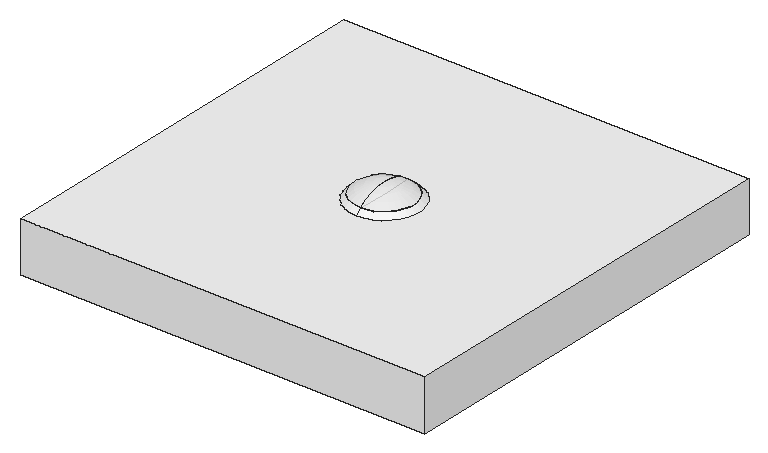
Revit family "Sarlam_Eclairage_Hublot_Chartres_Infini_T2_Diam_420mm_3000Lm", category Luminaires, Revit 2020
Family settings
  Hôte = Face
  Cote de connecteur circulaire = Utiliser le diamètre
  Type d'élément = Normal
  Couper avec des vides une fois chargée = Non
  Source d'éclairage = Oui
  Partagée = Non
  Point de calcul de pièce = Non
Parameters (values of type "ON/OFF BLANC")
  Zone plafond formes 1à7 [instance] = and(not(Diamètre externe = 328 mm), or([Standard Formes 1-3-6]), not([Afficher la zone de détection-pose murale]), [Afficher la zone de détection-pose plafond])  # no
  Zone murale formes 1à7 [instance] = and(not(Diamètre externe = 328 mm), or([Standard Formes 1-3-6]), [Afficher la zone de détection-pose murale], not([Afficher la zone de détection-pose plafond]))  # no
  Zone de détection = ""
  URL = "http://www.legrandoc.com/SL532009"
  Type de variation = "Non régulable"
  Type de tension = "CA"
  Tension nominale (Un) V MIN = 207
  Tension nominale (Un) V MAX = 253
  built-in parameter 1150107 = 3200 (stored number, unit not read)
  Température de couleur K MIN = 4000
  Température de couleur K MAX = 4000
  Standard Formes 1-3-6 = yes
  Source lumineuse = "Led non interchangeable"
  Répartition lumineuse = "Symétrique"
  Puissance du système W = 0
  Puissance de la source lumineuse W = ""
  Puissance de la lampe en Multiwatt = "21/39W"
  Wattage = 9.2903 W
  built-in parameter 1150110 = 1 (stored number, unit not read)
  built-in parameter 1150109 = 1 (stored number, unit not read)
  built-in parameter 1114218 = 1 (stored number, unit not read)
  built-in parameter 1150113 = 1 (stored number, unit not read)
  built-in parameter 1150112 = 1 (stored number, unit not read)
  built-in parameter 1150137 = (empty or 0)
  built-in parameter 1150132 = (empty or 0)
  Modèle = "SL-532009"
  Longueur d'encastrement = 0 mm
  Longueur = 420 mm
  Largeur d'encastrement = 420 mm
  Largeur = 420 mm
  built-in parameter 1150105 = 109.82 (stored number, unit not read)
  built-in parameter 1150102 = (empty or 0)
  Hauteur/profondeur d'encastrement = 0 mm
  Hauteur/profondeur = 90 mm
  Dimming Lamp Color Temperature Shift = (empty or 0)
  Lumens = 1380 lm
  Color Filter = 16777215
  Fichier de distribution photométrique = "SL532009.ies"
  built-in parameter 1114217 = 1 (stored number, unit not read)
  built-in parameter 1150139 = (empty or 0)
  Fabricant = "LEGRAND"
  Emettre à partir du diamètre du cercle = 300 mm
  Emettre la visibilité des formes dans le rendu = no
  built-in parameter 1150104 = 13.8 (stored number, unit not read)
  built-in parameter 1150106 = 1.0982 (stored number, unit not read)
  built-in parameter 1150115 = 1 (stored number, unit not read)
  built-in parameter 1150114 = 1 (stored number, unit not read)
  Diamètre externe = 420 mm
  Diamètre d'encastrement = 0 mm
  Description = "CHARTRES INFINI 3000LM 4000K STANDARD ON/OFF BLANC"
  built-in parameter 1150138 = (empty or 0)
  built-in parameter 1150134 = 3
  Condition Générale d'Utilisation = "https://export.legrand.com/CGU-objets-BIM"
  Angle de l'inclinaison = 0.00°
  Afficher la zone de détection-pose plafond [instance] = no
  Afficher la zone de détection-pose murale [instance] = no
  Matériau du boîtier/corps = Plastique
  Indice de rendu des couleurs CRI = "80-89"
  Indice de protection contre les chocs (IK) = "IK10"
  Indice de protection (IP) = "IP55"
  Flux lumineux utile lm = 3000
  Elévation par défaut = 2500 mm
  Douille = "Sans"
  Courant nominal mA MIN = 0
  Courant nominal mA MAX = 0
  Couleur du boîtier/corps = LEGRAND - Blanc
  Classe de protection = "II"
  Avec détecteur de mouvement = no
  Avec détecteur crépusculaire = no
  Appareillage = "Appareil à LED commandé en courant"
  Angle du faisceau = "Faisceau libre"
  Afficher l'étiquette de zone [instance] = no
  Adapté à une suspension = no
  Adapté à un montage encastré = no
  Adapté à un montage en saillie = yes
  Adapté à un montage en applique = yes
  Adapté à un montage au plafond = yes
  built-in parameter 1150133 = 10 (stored number, unit not read)
Types (6, lengths in mm): name | Zone de détection | URL | Type de variation | Modèle | Description | Couleur du boîtier/corps | Avec détecteur de mouvement | Avec détecteur crépusculaire
  ON/OFF BLANC | "" | "http://www.legrandoc.com/SL532009" | "Non régulable" | "SL-532009" | "CHARTRES INFINI 3000LM 4000K STANDARD ON/OFF BLANC" | LEGRAND - Blanc | no | no
  ON/OFF ANTHRACITE | "" | "http://www.legrandoc.com/SL532010" | "Non régulable" | "SL-532010" | "CHARTRES INFINI 3000LM 4000K STANDARD ON/OFF ANTHRACITE" | LEGRAND - Anthracite | no | no
  ON/OFF GRIS METAL | "" | "http://www.legrandoc.com/SL532011" | "Non régulable" | "SL-532011" | "CHARTRES INFINI 3000LM 4000K STANDARD ON/OFF GRIS METAL" | LEGRAND - Gris métal | no | no
  Détection BLANC | "Détection à 2,5m haut Plafond: Ø6m maxi Mur: Ellipse 16*17m" | "http://www.legrandoc.com/SL532049" | "Autre" | "SL-532049" | "CHARTRES INFINI 3000LM 4000K  STANDARD DETECTION HF BLANC" | LEGRAND - Blanc | yes | yes
  Détection ANTHRACITE | "Détection à 2,5m haut Plafond: Ø6m maxi Mur: Ellipse 16*17m" | "http://www.legrandoc.com/SL532050" | "Autre" | "SL-532050" | "CHARTRES INFINI 3000LM 4000K  STANDARD DETECTION HF ANTHRACITE" | LEGRAND - Anthracite | yes | yes
  Détection GRIS METAL | "Détection à 2,5m haut Plafond: Ø6m maxi Mur: Ellipse 16*17m" | "http://www.legrandoc.com/SL532051" | "Autre" | "SL-532051" | "CHARTRES INFINI 3000LM 4000K  STANDARD DETECTION HF GRIS METAL" | LEGRAND - Gris métal | yes | yes
Reference planes
  plane 1 "Centre (avant/arrière)": y = 0
  plane 2: z = 0
  plane 3 "Centre (gauche/droite)": x = 0
  plane 4: z = 110
Forms (mm)
  Extrusion 1, solid, material "Blanc"
    sketch origin (0, 0, 0) x (1, 0, 0) y (0, 1, 0)
      loop
        line (-1219.2, 1219.2) -> (-1219.2, -1219.2) -> (1219.2, -1219.2) -> (1219.2, 1219.2) -> (-1219.2, 1219.2)
    from 0 to -304.8
Lines and regions (mm)
  model lines, style "LightingFixtures", not visible
    curve 1: line (0, 0, 0) -> (0, 0, 2230)
    curve 2: line (0, 0, 0) -> (0, 3300, 0)
    curve 3: line (0, 0, 0) -> (-2620, 0, 0)
Dimensions and locks
  level to plane 4 = 110 mm
  aligned and locked: plane 2 to Extrusion 1
  aligned and locked: level to Extrusion 1
  aligned and locked: nested 1 to imposter light
  aligned and locked: imposter light to plane 4
Nested families
  nested 1: "Zone de détection murale Chartres-Astreo" at (0, 0, 0) x (0, 0, 1) z (0, -1, 0), visible <- "Afficher la zone de détection-pose murale", type "Zone de détection murale"
  nested 2: "Formes 1-2-3-4-6-7-8-9" at (0, 0, 0), type "Formes"
    with Standard Formes 1-3-6 yes, Fl 90 mm, Dimension hublot 179.2 mm, Diamètre total 420 mm, Courbure 290 mm
  nested 3: "Zone de détection plafond Chartres-Astreo" at (0, 0, 2500), visible <- "Afficher la zone de détection-pose plafond", type "Zone de détection plafond"
    with Zone plafond Formes 8à9 no
  nested 4: "Zone de détection murale Chartres-Astreo" at (0, 0, 0) x (0, 0, 1) z (1, 0, 0), visible <- "Afficher la zone de détection-pose murale", type "Zone de détection murale"
  nested 5: "Etiquette de zone" at (-40, 295, 0) x (-1, 0, 0) z (0, 0, 1), visible <- "Afficher l'étiquette de zone", type "Etiquette de zone"
Connectors
  electrical at (0, 0, 0)
    settings: on nested 2, index 1, voltage 230 V, apparent load 0 VA, apparent load phase1 0 VA, apparent load phase2 0 VA, apparent load phase3 0 VA, power factor 1, load classification "Eclairage", number of poles 1, system type 30, power factor state 1, is connector primary yes, connector utility no, sub classification motor no, connector description ""
Definition of nested family "Formes 1-2-3-4-6-7-8-9"
  Parameters (values of type "Formes")
    Standard Forme 8 = no
    Standard Formes 1-3-6 = no
    Matériau hublot = none
    Matériau corps = none
    Fl = if(Diamètre total < 325 mm, 70 mm, if(Diamètre total = 328 mm, 107 mm, 90 mm))  # 107 mm
    Default Elevation = 0 mm
    Dimension hublot = if(Diamètre total = 300 mm, 121.1 mm, if(Diamètre total = 322 mm, 129.3 mm, if(Diamètre total = 328 mm, 148.6 mm, if(Diamètre total = 420 mm, 179.2 mm, 185.3 mm))))  # 148.6 mm
    Diamètre total = 328 mm
    Courbure = if(Diamètre total = 300 mm, 195.7 mm, if(Diamètre total = 322 mm, 220.2 mm, if(Diamètre total = 328 mm, 179.2 mm, if(Diamètre total = 420 mm, 290 mm, 307.8 mm))))  # 179.2 mm
    Couleur corps = none
    Antivandale Forme 9 = no
    Antivandale Formes 2-4-7 = no
  Reference planes
    plane 1 "Centre (avant/arrière)": y = 0
    plane 2: z = 0
    plane 3 "Centre (gauche/droite)": x = 0
    plane 4: y = 164
    plane 5: y = -164
    plane 6: y = 148.6
  Forms (mm)
    Revolve 1, solid, material <- "Matériau hublot"
      sketch origin (0, 0, 0) x (0, 0, -1) y (0, 1, 0)
        loop
          arc (-28, 148.6) -> (-86.03, 84.151) -> (-107, 0) r 179.2
          line (-107, 0) -> (-28, 0) -> (-28, 148.6)
        axis (-28, 0) -> (-107, 0)
      angle from 0 to 360
  Dimensions and locks
    equal spacing: plane 4, plane 1 "Centre (avant/arrière)", plane 5
    "Diamètre total": plane 4 to plane 5
    equal spacing: plane 5, plane 1 "Centre (avant/arrière)", plane 4
    "Dimension hublot": plane 1 "Centre (avant/arrière)" to plane 6
    "Fl": Revolve 1 sketch curve to plane 2
    "Courbure": radius of Revolve 1 sketch curve
    aligned and locked: level to plane 2
    aligned and locked: plane 6 to Revolve 1 sketch curve
    aligned and locked: plane 2 to nested 2
  Automatic sketch dimensions
    Revolve 1 sketch curve to plane 1 "Centre (avant/arrière)" = 0 mm  (x2)
    level to Revolve 1 sketch curve = 28 mm
    Revolve 1 sketch curve to Revolve 1 sketch curve = 1811.469 mm
    Revolve 1 sketch curve to Revolve 1 sketch curve = 1147.22 mm
  Nested families
    nested 1: "Corps standard Formes 1-3-6" at (0, 0, 0), visible <- "Standard Formes 1-3-6", type "Corps standard Formes 1-3-6"
      with Diamètre 328 mm
    nested 2: "Corps antivandale Formes 2-4-7" at (0, 0, 0), visible <- "Antivandale Formes 2-4-7", type "Corps antivandale Formes 2-4-7"
      with Diamètre 328 mm
    nested 3: "Corps standard Forme 8" at (0, 0, 0), visible <- "Standard Forme 8", type "Corps standard Forme 8"
    nested 4: "Corps antivandale Forme 9" at (0, 0, 0), visible <- "Antivandale Forme 9", type "Corps antivandale Forme 9"
  Definition of nested family "Corps standard Formes 1-3-6"
    Parameters (values of type "Corps standard")
      Matériau corps = none
      Default Elevation = 0 mm
      Couleur corps = none
      Diamètre = 322 mm
      Courbure = if(Diamètre < 400 mm, 195.7 mm, 290 mm)  # 195.7 mm
    Reference planes
      plane 1 "Centre (avant/arrière)": y = 0
      plane 2: z = 0
      plane 3 "Centre (gauche/droite)": x = 0
      plane 4: y = 161
      plane 5: y = -161
      plane 6: z = 28
    Forms (mm)
      Revolve 1, solid, material <- "Couleur corps"
        sketch origin (0, 0, 0) x (0, 0, -1) y (0, 1, 0)
          loop
            line (0, 0) -> (0, 161)
            arc (0, 161) -> (-14.55, 149.906) -> (-28, 137.502) r 195.7
            line (-28, 137.502) -> (-28, 0) -> (0, 0)
          axis (0, 0) -> (-28, 0)
        angle from 0 to 360
    Dimensions and locks
      equal spacing: plane 4, plane 1 "Centre (avant/arrière)", plane 5
      "Diamètre": plane 4 to plane 5
      equal spacing: plane 5, plane 1 "Centre (avant/arrière)", plane 4
      "Courbure": radius of Revolve 1 sketch curve
      aligned and locked: level to plane 2
      aligned and locked: plane 2 to Revolve 1  (x2)
      aligned and locked: Revolve 1 to plane 2
      aligned and locked: plane 6 to Revolve 1
    Automatic sketch dimensions
      Revolve 1 sketch curve to plane 1 "Centre (avant/arrière)" = 0 mm  (x3)
      Revolve 1 sketch curve to plane 6 = 0 mm
      Revolve 1 sketch curve to level = 0 mm
      Revolve 1 sketch curve to plane 4 = 0 mm
      plane 6 to Revolve 1 sketch curve = 1833.51 mm
      Revolve 1 sketch curve to Revolve 1 sketch curve = 1167.217 mm
  Definition of nested family "Corps antivandale Formes 2-4-7"
    Parameters (values of type "Corps antivandale")
      Rayon réseau vis = if(Diamètre < 400 mm, 137.2 mm, 193.2 mm)  # 137.2 mm
      Matériau corps = none
      Default Elevation = 0 mm
      Diamètre = 322 mm
      Courbure = if(Diamètre < 400 mm, 220.2 mm, 307.8 mm)  # 220.2 mm
      Couleur corps = none
    Reference planes
      plane 1 "Centre (avant/arrière)": y = 0
      plane 2: z = 0
      plane 3 "Centre (gauche/droite)": x = 0
      plane 4: y = 161
      plane 5: y = -161
      plane 6: z = 28
      plane 7: through (0, 0, 1200) normal (0.5, 0.866, 0)
      plane 8: through (0, 0, 1200) normal (0.5, -0.866, 0)
    Forms (mm)
      Revolve 1, solid, material <- "Couleur corps"
        sketch origin (0, 0, 0) x (0, 0, -1) y (0, 1, 0)
          loop
            line (0, 0) -> (0, 161)
            arc (0, 161) -> (-14.762, 145.835) -> (-28, 129.323) r 220.2
            line (-28, 129.323) -> (-28, 0) -> (0, 0)
          axis (0, 0) -> (-28, 0)
        angle from 0 to 360
      Extrusion 2, solid, material <- "Couleur corps"
        sketch origin (0, -0.04, 0) x (1, 0, 0) y (0, 1, 0)
          loop
            line (-4, 129.32) -> (-4, 137.3)
            arc (-4, 137.3) -> (0, 141.3) -> (4, 137.3) r 4
            line (4, 137.3) -> (4, 129.32)
            arc (4, 129.32) -> (5, 129.285) -> (6, 129.243) r 129.323
            line (6, 129.243) -> (6, 137.3)
            arc (6, 137.3) -> (0, 143.3) -> (-6, 137.3) r 6
            line (-6, 137.3) -> (-6, 129.243)
            arc (-6, 129.243) -> (-5, 129.285) -> (-4, 129.32) r 129.323
        from 15.189 to 28
      Extrusion 3, solid, material <- "Couleur corps"
        sketch origin (-0.035, 0.02, 0) x (-0.5, -0.866025, 0) y (0.866025, -0.5, 0)
          loop
            line (-4, 129.32) -> (-4, 137.3)
            arc (-4, 137.3) -> (0, 141.3) -> (4, 137.3) r 4
            line (4, 137.3) -> (4, 129.32)
            arc (4, 129.32) -> (5, 129.285) -> (6, 129.243) r 129.323
            line (6, 129.243) -> (6, 137.3)
            arc (6, 137.3) -> (0, 143.3) -> (-6, 137.3) r 6
            line (-6, 137.3) -> (-6, 129.243)
            arc (-6, 129.243) -> (-5, 129.285) -> (-4, 129.32) r 129.323
        from 15.189 to 28
      Extrusion 4, solid, material <- "Couleur corps"
        sketch origin (0.035, 0.02, 0) x (-0.5, 0.866025, 0) y (-0.866025, -0.5, 0)
          loop
            line (-4, 129.32) -> (-4, 137.3)
            arc (-4, 137.3) -> (0, 141.3) -> (4, 137.3) r 4
            line (4, 137.3) -> (4, 129.32)
            arc (4, 129.32) -> (5, 129.285) -> (6, 129.243) r 129.323
            line (6, 129.243) -> (6, 137.3)
            arc (6, 137.3) -> (0, 143.3) -> (-6, 137.3) r 6
            line (-6, 137.3) -> (-6, 129.243)
            arc (-6, 129.243) -> (-5, 129.285) -> (-4, 129.32) r 129.323
        from 15.189 to 28
      Revolve 5, solid
        sketch origin (0, 0.018, -12.656) x (0, 1, 0) y (0, 0, 1)
          loop
            line (136.525, 38.942) -> (136.525, 29.094) -> (136.962, 29.907) -> (137.751, 35.518) -> (140.148, 38.942) -> (136.525, 38.942)
          axis (136.525, 29.094) -> (136.525, 38.942)
        angle from 0 to 360
      Revolve 6, solid
        sketch origin (0.016, -0.009, -12.656) x (0.866025, -0.5, 0) y (0, 0, 1)
          loop
            line (136.525, 38.942) -> (136.525, 29.094) -> (136.962, 29.907) -> (137.751, 35.518) -> (140.148, 38.942) -> (136.525, 38.942)
          axis (136.525, 29.094) -> (136.525, 38.942)
        angle from 0 to 360
      Revolve 7, solid
        sketch origin (-0.016, -0.009, -12.656) x (-0.866025, -0.5, 0) y (0, 0, 1)
          loop
            line (136.525, 38.942) -> (136.525, 29.094) -> (136.962, 29.907) -> (137.751, 35.518) -> (140.148, 38.942) -> (136.525, 38.942)
          axis (136.525, 29.094) -> (136.525, 38.942)
        angle from 0 to 360
    Cuts and joins
      joined: Revolve 1, Extrusion 2
    Lines and regions (mm)
      model lines
        curve 1: line (-2.5, 136.543, 26.285) -> (2.5, 136.543, 26.285)
        curve 2: line (0, 138.995, 26.285) -> (0, 133.995, 26.285)
        curve 3: line (119.5, -66.107, 26.285) -> (117, -70.437, 26.285)
        curve 4: line (120.373, -69.497, 26.285) -> (116.043, -66.997, 26.285)
        curve 5: line (-117, -70.437, 26.285) -> (-119.5, -66.107, 26.285)
        curve 6: line (-120.373, -69.497, 26.285) -> (-116.043, -66.997, 26.285)
    Dimensions and locks
      equal spacing: plane 4, plane 1 "Centre (avant/arrière)", plane 5
      "Diamètre": plane 4 to plane 5
      equal spacing: plane 5, plane 1 "Centre (avant/arrière)", plane 4
      "Courbure": radius of Revolve 1 sketch curve
      "Rayon réseau vis": radius of radial array
      aligned and locked: level to plane 2
      aligned and locked: plane 2 to Revolve 1  (x2)
      aligned and locked: Revolve 1 to plane 2
      aligned and locked: plane 6 to Revolve 1
    Automatic sketch dimensions
      Extrusion 2 sketch curve to Extrusion 2 sketch curve = 0 mm  (x9)
      Extrusion 2 sketch curve to Extrusion 2 sketch curve = 7.98 mm
      Extrusion 2 sketch curve to Extrusion 2 sketch curve = 0.077 mm
      Extrusion 2 sketch curve to Extrusion 2 sketch curve = 2 mm
      Extrusion 2 sketch curve to Extrusion 2 sketch curve = 4 mm
      Extrusion 2 sketch curve to Extrusion 2 sketch curve = 6 mm
      Extrusion 3 sketch curve to Extrusion 3 sketch curve = 0 mm  (x9)
      Extrusion 3 sketch curve to Extrusion 3 sketch curve = 7.98 mm
      Extrusion 3 sketch curve to Extrusion 3 sketch curve = 0.077 mm
      Extrusion 3 sketch curve to Extrusion 3 sketch curve = 2 mm
      Extrusion 3 sketch curve to Extrusion 3 sketch curve = 4 mm
      Extrusion 3 sketch curve to Extrusion 3 sketch curve = 6 mm
      Extrusion 4 sketch curve to Extrusion 4 sketch curve = 0 mm  (x9)
      Extrusion 4 sketch curve to Extrusion 4 sketch curve = 7.98 mm
      Extrusion 4 sketch curve to Extrusion 4 sketch curve = 0.077 mm
      Extrusion 4 sketch curve to Extrusion 4 sketch curve = 2 mm
      Extrusion 4 sketch curve to Extrusion 4 sketch curve = 4 mm
      Extrusion 4 sketch curve to Extrusion 4 sketch curve = 6 mm
      Revolve 7 sketch curve to Revolve 7 sketch curve = 0.437 mm  (x2)
      Revolve 7 sketch curve to Revolve 7 sketch curve = 1.226 mm  (x2)
      Revolve 7 sketch curve to Revolve 7 sketch curve = 2.397 mm
      Revolve 7 sketch curve to Revolve 7 sketch curve = 0.813 mm  (x2)
      Revolve 7 sketch curve to Revolve 7 sketch curve = 5.611 mm  (x2)
      Revolve 7 sketch curve to Revolve 7 sketch curve = 3.424 mm  (x2)
      Revolve 7 sketch curve to Revolve 7 sketch curve = 0 mm  (x2)
      Revolve 7 sketch curve to Revolve 7 sketch curve = 0.975 mm
      Revolve 7 sketch curve to Revolve 7 sketch curve = 3.281 mm  (x2)
      Revolve 5 sketch curve to Revolve 5 sketch curve = 0.437 mm  (x2)
      Revolve 5 sketch curve to Revolve 5 sketch curve = 1.226 mm  (x2)
      Revolve 5 sketch curve to Revolve 5 sketch curve = 3.623 mm
      Revolve 5 sketch curve to Revolve 5 sketch curve = 5.611 mm  (x2)
      Revolve 5 sketch curve to Revolve 5 sketch curve = 3.424 mm  (x2)
      Revolve 5 sketch curve to Revolve 5 sketch curve = 0 mm  (x2)
      Revolve 5 sketch curve to Revolve 5 sketch curve = 0.813 mm  (x2)
      Revolve 5 sketch curve to Revolve 5 sketch curve = 0.162 mm
      Revolve 5 sketch curve to Revolve 5 sketch curve = 3.281 mm  (x2)
      Revolve 6 sketch curve to Revolve 6 sketch curve = 0.437 mm  (x2)
      Revolve 6 sketch curve to Revolve 6 sketch curve = 1.226 mm  (x2)
      Revolve 6 sketch curve to Revolve 6 sketch curve = 3.623 mm
      Revolve 6 sketch curve to Revolve 6 sketch curve = 5.611 mm  (x2)
      Revolve 6 sketch curve to Revolve 6 sketch curve = 3.424 mm  (x2)
      Revolve 6 sketch curve to Revolve 6 sketch curve = 0 mm  (x2)
      Revolve 6 sketch curve to Revolve 6 sketch curve = 0.813 mm  (x2)
      Revolve 6 sketch curve to Revolve 6 sketch curve = 0.162 mm
      Revolve 6 sketch curve to Revolve 6 sketch curve = 3.281 mm  (x2)
      Revolve 7 sketch curve to Revolve 7 sketch curve = 3.623 mm
      Revolve 7 sketch curve to Revolve 7 sketch curve = 0.162 mm
      curve 2 to Revolve 5 = 0 mm
      curve 2 to curve 1 = 2.548 mm
      curve 1 to curve 2 = 2.452 mm
      Revolve 5 to curve 1 = 2.5 mm
      curve 1 to Revolve 5 = 2.5 mm
      curve 4 to Revolve 6 = 0 mm
      curve 4 to curve 3 = 2.548 mm
      curve 3 to curve 4 = 2.452 mm
      Revolve 6 to curve 3 = 2.5 mm
      curve 3 to Revolve 6 = 2.5 mm
      curve 6 to Revolve 7 = 0 mm
      curve 6 to curve 5 = 2.548 mm
      curve 5 to curve 6 = 2.452 mm
      Revolve 7 to curve 5 = 2.5 mm
      curve 5 to Revolve 7 = 2.5 mm
      Revolve 5 sketch curve to Revolve 5 sketch curve = 2.397 mm
      Revolve 5 sketch curve to Revolve 5 sketch curve = 0.975 mm
      Revolve 6 sketch curve to Revolve 6 sketch curve = 2.397 mm
      Revolve 6 sketch curve to Revolve 6 sketch curve = 0.975 mm
      Revolve 1 sketch curve to plane 1 "Centre (avant/arrière)" = 0 mm  (x3)
      Revolve 1 sketch curve to plane 6 = 0 mm
      Revolve 1 sketch curve to level = 0 mm
      Revolve 1 sketch curve to plane 4 = 0 mm
      plane 6 to Revolve 1 sketch curve = 1833.51 mm
      Revolve 1 sketch curve to Revolve 1 sketch curve = 1128.321 mm
  Definition of nested family "Corps standard Forme 8"
    Parameters (values of type "Corps standard Forme 8")
      Matériau corps = none
      Default Elevation = 0 mm
      Couleur corps = none
      Diamètre = 328 mm
    Reference planes
      plane 1 "Centre (avant/arrière)": y = 0
      plane 2: z = 0
      plane 3 "Centre (gauche/droite)": x = 0
      plane 4: y = 164
      plane 5: y = -164
      plane 6: z = 28
      plane 7: y = 7.5
      plane 8: y = -7.5
    Forms (mm)
      Revolve 1, solid, material <- "Couleur corps"
        sketch origin (0, 0, 0) x (0, 0, -1) y (0, 1, 0)
          loop
            line (0, 0) -> (0, 164)
            arc (0, 164) -> (-14.345, 156.905) -> (-28, 148.559) r 179.182
            line (-28, 148.559) -> (-28, 0) -> (0, 0)
          axis (0, 0) -> (-28, 0)
        angle from 0 to 360
      Sweep 2, void
        path origin (0, 0, 0) x (1, 0, 0) y (0, 1, 0)
          loop
            arc (153.049, 7.5) -> (0, 153.232) -> (-153.049, 7.5) r 153.232
        profile origin (0, 153.232, 0) x (0, -1, 0) y (0, 0, 1)
          loop
            line (-5.469, 6.213) -> (-10.469, 16.465) -> (-10.469, 6.213) -> (-5.469, 6.213)
      Sweep 3, void
        path origin (0, 0, 0) x (1, 0, 0) y (0, 1, 0)
          loop
            arc (153.049, 7.5) -> (0, 153.232) -> (-153.049, 7.5) r 153.232
        profile origin (0, 153.232, 0) x (0, -1, 0) y (0, 0, 1)
          loop
            line (-1.643, 13.471) -> (-6.643, 23.723) -> (-6.643, 13.471) -> (-1.643, 13.471)
      Sweep 4, void
        path origin (0, 0, 0) x (1, 0, 0) y (0, -1, 0)
          loop
            arc (153.049, 7.5) -> (0, 153.232) -> (-153.049, 7.5) r 153.232
        profile origin (0, -153.232, 0) x (0, -1, 0) y (0, 0, 1)
          loop
            line (1.643, 13.471) -> (6.643, 13.471) -> (6.643, 23.723) -> (1.643, 13.471)
      Sweep 5, void
        path origin (0, 0, 0) x (1, 0, 0) y (0, -1, 0)
          loop
            arc (153.049, 7.5) -> (0, 153.232) -> (-153.049, 7.5) r 153.232
        profile origin (0, -153.232, 0) x (0, -1, 0) y (0, 0, 1)
          loop
            line (5.469, 6.213) -> (10.469, 6.213) -> (10.469, 16.465) -> (5.469, 6.213)
    Cuts and joins
      Sweep 2, Sweep 3, Sweep 4, Sweep 5 cuts Revolve 1
    Dimensions and locks
      equal spacing: plane 4, plane 1 "Centre (avant/arrière)", plane 5
      "Diamètre": plane 4 to plane 5
      equal spacing: plane 5, plane 1 "Centre (avant/arrière)", plane 4
      aligned and locked: level to plane 2
      aligned and locked: plane 2 to Revolve 1  (x2)
      aligned and locked: Revolve 1 to plane 2
      aligned and locked: plane 6 to Revolve 1
    Automatic sketch dimensions
      Sweep 2 sketch curve to plane 7 = 0 mm  (x2)
      plane 1 "Centre (avant/arrière)" to Sweep 2 sketch curve = 0 mm
      Sweep 2 sketch curve to plane 3 "Centre (gauche/droite)" = 0 mm
      Sweep 2 sketch curve to plane 3 "Centre (gauche/droite)" = 153.049 mm
      Sweep 3 sketch curve to plane 7 = 0 mm  (x2)
      plane 1 "Centre (avant/arrière)" to Sweep 3 sketch curve = 0 mm
      Sweep 3 sketch curve to plane 3 "Centre (gauche/droite)" = 0 mm
      Sweep 3 sketch curve to plane 3 "Centre (gauche/droite)" = 153.049 mm
      Sweep 4 sketch curve to plane 8 = 0 mm  (x2)
      plane 1 "Centre (avant/arrière)" to Sweep 4 sketch curve = 0 mm
      Sweep 4 sketch curve to plane 3 "Centre (gauche/droite)" = 0 mm
      plane 3 "Centre (gauche/droite)" to Sweep 4 sketch curve = 153.049 mm
      Sweep 5 sketch curve to plane 8 = 0 mm  (x2)
      plane 1 "Centre (avant/arrière)" to Sweep 5 sketch curve = 0 mm
      Sweep 5 sketch curve to plane 3 "Centre (gauche/droite)" = 0 mm
      plane 3 "Centre (gauche/droite)" to Sweep 5 sketch curve = 153.049 mm
      Revolve 1 sketch curve to plane 1 "Centre (avant/arrière)" = 0 mm  (x3)
      Revolve 1 sketch curve to plane 6 = 0 mm
      Revolve 1 sketch curve to level = 0 mm
      Revolve 1 sketch curve to plane 4 = 0 mm
      Revolve 1 sketch curve to Revolve 1 sketch curve = 72.182 mm
      plane 6 to Revolve 1 sketch curve = 1833.51 mm
      Revolve 1 sketch curve to Revolve 1 sketch curve = 1201.817 mm
      profile plane to Sweep 2 sketch curve = 10.469 mm
      Sweep 2 sketch curve to Sweep 2 sketch curve = 5 mm
      level to Sweep 2 sketch curve = 6.213 mm
      Sweep 2 sketch curve to Sweep 2 sketch curve = 10.252 mm
      profile plane to Sweep 3 sketch curve = 6.643 mm
      profile plane to Sweep 3 sketch curve = 1.643 mm
      level to Sweep 3 sketch curve = 13.471 mm
      Sweep 3 sketch curve to Sweep 3 sketch curve = 10.252 mm
      Sweep 4 sketch curve to profile plane = 1.643 mm
      Sweep 4 sketch curve to profile plane = 6.643 mm
      level to Sweep 4 sketch curve = 13.471 mm
      Sweep 4 sketch curve to Sweep 4 sketch curve = 10.252 mm
      Sweep 5 sketch curve to profile plane = 5.469 mm
      Sweep 5 sketch curve to profile plane = 10.469 mm
      level to Sweep 5 sketch curve = 6.213 mm
      Sweep 5 sketch curve to Sweep 5 sketch curve = 10.252 mm
  Definition of nested family "Corps antivandale Forme 9"
    Parameters (values of type "Corps antivandale Forme 9")
      Matériau corps = none
      Default Elevation = 0 mm
      Couleur corps = none
      Diamètre = 328 mm
    Reference planes
      plane 1 "Centre (avant/arrière)": y = 0
      plane 2: z = 0
      plane 3 "Centre (gauche/droite)": x = 0
      plane 4: y = 164
      plane 5: y = -164
      plane 6: z = 28
      plane 7: y = 7.5
      plane 8: y = -7.5
    Forms (mm)
      Revolve 1, solid, material <- "Couleur corps"
        sketch origin (0, 0, 0) x (0, 0, -1) y (0, 1, 0)
          loop
            line (0, 0) -> (0, 164)
            arc (0, 164) -> (-14.345, 156.905) -> (-28, 148.559) r 179.182
            line (-28, 148.559) -> (-28, 0) -> (0, 0)
          axis (0, 0) -> (-28, 0)
        angle from 0 to 360
      Extrusion 2, void
        sketch origin (-1.406, 0, 0) x (1, 0, 0) y (0, 1, 0)
          loop
            circle (157.486, 0) r 5
        from 5.665 to 28
      Sweep 3, void
        path origin (0, 0, 0) x (1, 0, 0) y (0, 1, 0)
          loop
            arc (153.049, 7.5) -> (0, 153.232) -> (-153.049, 7.5) r 153.232
        profile origin (0, 153.232, 0) x (0, -1, 0) y (0, 0, 1)
          loop
            line (-5.469, 6.213) -> (-10.469, 16.465) -> (-10.469, 6.213) -> (-5.469, 6.213)
      Extrusion 4, void
        sketch origin (1.406, 0, 0) x (-1, 0, 0) y (0, -1, 0)
          loop
            circle (157.486, 0) r 5
        from 5.665 to 28
      Sweep 5, void
        path origin (0, 0, 0) x (1, 0, 0) y (0, 1, 0)
          loop
            arc (153.049, 7.5) -> (0, 153.232) -> (-153.049, 7.5) r 153.232
        profile origin (0, 153.232, 0) x (0, -1, 0) y (0, 0, 1)
          loop
            line (-1.643, 13.471) -> (-6.643, 23.723) -> (-6.643, 13.471) -> (-1.643, 13.471)
      Sweep 6, void
        path origin (0, 0, 0) x (1, 0, 0) y (0, -1, 0)
          loop
            arc (153.049, 7.5) -> (0, 153.232) -> (-153.049, 7.5) r 153.232
        profile origin (0, -153.232, 0) x (0, -1, 0) y (0, 0, 1)
          loop
            line (1.643, 13.471) -> (6.643, 13.471) -> (6.643, 23.723) -> (1.643, 13.471)
      Sweep 7, void
        path origin (0, 0, 0) x (1, 0, 0) y (0, -1, 0)
          loop
            arc (153.049, 7.5) -> (0, 153.232) -> (-153.049, 7.5) r 153.232
        profile origin (0, -153.232, 0) x (0, -1, 0) y (0, 0, 1)
          loop
            line (5.469, 6.213) -> (10.469, 6.213) -> (10.469, 16.465) -> (5.469, 6.213)
      Revolve 8, solid
        sketch origin (-156.149, -136.533, -30.469) x (0, 1, 0) y (0, 0, 1)
          loop
            line (136.525, 38.942) -> (136.525, 31.651) -> (137.319, 32.445) -> (137.923, 36.741) -> (139.106, 38.942) -> (136.525, 38.942)
          axis (136.525, 31.651) -> (136.525, 38.942)
        angle from 0 to 360
      Revolve 9, solid
        sketch origin (156.149, -136.533, -30.469) x (0, 1, 0) y (0, 0, -1)
          loop
            line (136.525, -38.942) -> (139.106, -38.942) -> (137.923, -36.741) -> (137.319, -32.445) -> (136.525, -31.651) -> (136.525, -38.942)
          axis (136.525, -31.651) -> (136.525, -38.942)
        angle from 0 to 360
    Cuts and joins
      Extrusion 2, Sweep 3, Extrusion 4, Sweep 5, Sweep 6, Sweep 7 cuts Revolve 1
    Lines and regions (mm)
      model lines
        curve 1: line (-156.149, 1.39, 8.473) -> (-156.149, -1.406, 8.473)
        curve 2: line (-157.503, 0, 8.473) -> (-154.615, 0, 8.473)
        curve 3: line (156.149, 1.39, 8.473) -> (156.149, -1.406, 8.473)
        curve 4: line (157.503, 0, 8.473) -> (154.615, 0, 8.473)
    Dimensions and locks
      equal spacing: plane 4, plane 1 "Centre (avant/arrière)", plane 5
      "Diamètre": plane 4 to plane 5
      equal spacing: plane 5, plane 1 "Centre (avant/arrière)", plane 4
      aligned and locked: level to plane 2
      aligned and locked: plane 2 to Revolve 1  (x2)
      aligned and locked: Revolve 1 to plane 2
      aligned and locked: plane 6 to Revolve 1
    Automatic sketch dimensions
      plane 1 "Centre (avant/arrière)" to Extrusion 2 sketch curve = 0 mm
      plane 3 "Centre (gauche/droite)" to Extrusion 2 sketch curve = 156.08 mm
      Sweep 3 sketch curve to plane 7 = 0 mm  (x2)
      plane 1 "Centre (avant/arrière)" to Sweep 3 sketch curve = 0 mm
      Sweep 3 sketch curve to plane 3 "Centre (gauche/droite)" = 0 mm
      Sweep 3 sketch curve to plane 3 "Centre (gauche/droite)" = 153.049 mm
      plane 1 "Centre (avant/arrière)" to Extrusion 4 sketch curve = 0 mm
      plane 3 "Centre (gauche/droite)" to Extrusion 4 sketch curve = 156.08 mm
      Sweep 5 sketch curve to plane 7 = 0 mm  (x2)
      plane 1 "Centre (avant/arrière)" to Sweep 5 sketch curve = 0 mm
      Sweep 5 sketch curve to plane 3 "Centre (gauche/droite)" = 0 mm
      Sweep 5 sketch curve to plane 3 "Centre (gauche/droite)" = 153.049 mm
      Sweep 6 sketch curve to plane 8 = 0 mm  (x2)
      plane 1 "Centre (avant/arrière)" to Sweep 6 sketch curve = 0 mm
      Sweep 6 sketch curve to plane 3 "Centre (gauche/droite)" = 0 mm
      plane 3 "Centre (gauche/droite)" to Sweep 6 sketch curve = 153.049 mm
      Sweep 7 sketch curve to plane 8 = 0 mm  (x2)
      plane 1 "Centre (avant/arrière)" to Sweep 7 sketch curve = 0 mm
      Sweep 7 sketch curve to plane 3 "Centre (gauche/droite)" = 0 mm
      plane 3 "Centre (gauche/droite)" to Sweep 7 sketch curve = 153.049 mm
      Revolve 1 sketch curve to plane 1 "Centre (avant/arrière)" = 0 mm  (x3)
      Revolve 1 sketch curve to plane 6 = 0 mm
      Revolve 1 sketch curve to level = 0 mm
      Revolve 1 sketch curve to plane 4 = 0 mm
      Revolve 1 sketch curve to Revolve 1 sketch curve = 72.182 mm
      plane 6 to Revolve 1 sketch curve = 1833.51 mm
      Revolve 1 sketch curve to Revolve 1 sketch curve = 1201.817 mm
      profile plane to Sweep 3 sketch curve = 10.469 mm
      Sweep 3 sketch curve to Sweep 3 sketch curve = 5 mm
      level to Sweep 3 sketch curve = 6.213 mm
      Sweep 3 sketch curve to Sweep 3 sketch curve = 10.252 mm
      profile plane to Sweep 5 sketch curve = 6.643 mm
      profile plane to Sweep 5 sketch curve = 1.643 mm
      level to Sweep 5 sketch curve = 13.471 mm
      Sweep 5 sketch curve to Sweep 5 sketch curve = 10.252 mm
      Sweep 6 sketch curve to profile plane = 1.643 mm
      Sweep 6 sketch curve to profile plane = 6.643 mm
      level to Sweep 6 sketch curve = 13.471 mm
      Sweep 6 sketch curve to Sweep 6 sketch curve = 10.252 mm
      Sweep 7 sketch curve to profile plane = 5.469 mm
      Sweep 7 sketch curve to profile plane = 10.469 mm
      level to Sweep 7 sketch curve = 6.213 mm
      Sweep 7 sketch curve to Sweep 7 sketch curve = 10.252 mm
      plane 1 "Centre (avant/arrière)" to Revolve 8 sketch curve = 0.008 mm  (x2)
      Revolve 8 sketch curve to plane 1 "Centre (avant/arrière)" = 0.786 mm
      Revolve 8 sketch curve to plane 1 "Centre (avant/arrière)" = 1.39 mm
      Revolve 8 sketch curve to Revolve 8 sketch curve = 1.183 mm
      level to Revolve 8 sketch curve = 1.183 mm
      Revolve 8 sketch curve to Revolve 8 sketch curve = 0.794 mm
      Revolve 8 sketch curve to Revolve 8 sketch curve = 4.296 mm
      Revolve 8 sketch curve to Revolve 8 sketch curve = 2.201 mm
      Revolve 8 sketch curve to level = 0.4 mm
      Revolve 8 sketch curve to Revolve 8 sketch curve = 3.281 mm
      plane 1 "Centre (avant/arrière)" to Revolve 9 sketch curve = 0.008 mm  (x2)
      Revolve 9 sketch curve to plane 1 "Centre (avant/arrière)" = 0.786 mm
      Revolve 9 sketch curve to plane 1 "Centre (avant/arrière)" = 1.39 mm
      Revolve 9 sketch curve to Revolve 9 sketch curve = 1.183 mm
      level to Revolve 9 sketch curve = 8.473 mm
      Revolve 9 sketch curve to Revolve 9 sketch curve = 2.201 mm
      level to Revolve 9 sketch curve = 1.977 mm
      Revolve 9 sketch curve to Revolve 9 sketch curve = 0.794 mm
      Revolve 9 sketch curve to Revolve 9 sketch curve = 3.281 mm
      Revolve 9 sketch curve to level = 0.4 mm
      curve 1 to Revolve 8 = 0 mm
      curve 1 to curve 3 = 0 mm
      curve 1 to curve 2 = 1.406 mm
      curve 3 to curve 4 = 1.406 mm
      curve 4 to curve 3 = 1.39 mm
      curve 2 to curve 1 = 1.39 mm
      Revolve 8 to curve 2 = 1.534 mm
      curve 4 to curve 2 = 309.23 mm
      curve 3 to curve 4 = 1.534 mm
      curve 4 to curve 3 = 1.354 mm
      curve 2 to Revolve 8 = 1.354 mm
      radius of Extrusion 2 sketch curve = 5 mm
      radius of Extrusion 4 sketch curve = 5 mm
Definition of nested family "Zone de détection murale Chartres-Astreo"
  Parameters (values of type "Zone de détection murale")
    Zone murale Formes 8à9 = no
    Zone murale Formes 1à7 = no
  Reference planes
    plane 1 "Centre (avant/arrière)": y = 0
    plane 2: z = 0
    plane 3 "Centre (gauche/droite)": x = 0
    plane 4: x = 3500
    plane 5: y = 1000
    plane 6: x = 10000
    plane 7: y = 3500
    plane 8: x = 13000
    plane 9: y = 4000
    plane 10: x = 17000
    plane 11: y = 8000
    plane 12: x = 6000
    plane 13: x = 8000
  Lines and regions (mm)
    detail lines, in view "Niveau de réf.", visible <- "Zone murale Formes 1à7"
      curve 1: spline (0, 0, 0) -> (59.63, 258.819, 0) -> (234.456, 500, 0) -> (512.563, 707.107, 0) -> (875, 866.025, 0) -> (1297.067, 965.926, 0) -> (1750, 1000, 0) -> (2202.933, 965.926, 0) -> (2625, 866.025, 0) -> (2987.437, 707.107, 0) -> (3265.544, 500, 0) -> (3440.37, 258.819, 0) -> (3500, 0, 0) -> (3440.37, -258.819, 0) -> (3265.544, -500, 0) -> (2987.437, -707.107, 0) -> (2625, -866.025, 0) -> (2202.933, -965.926, 0) -> (1750, -1000, 0) -> (1297.067, -965.926, 0) -> (875, -866.025, 0) -> (512.563, -707.107, 0) -> (234.456, -500, 0) -> (59.63, -258.819, 0) -> (0, 0, 0)
      curve 2: spline (0, 0, 0) -> (170.371, 905.867, 0) -> (669.873, 1750, 0) -> (1464.466, 2474.874, 0) -> (2500, 3031.089, 0) -> (3705.905, 3380.74, 0) -> (5000, 3500, 0) -> (6294.095, 3380.74, 0) -> (7500, 3031.089, 0) -> (8535.534, 2474.874, 0) -> (9330.127, 1750, 0) -> (9829.629, 905.867, 0) -> (10000, 0, 0) -> (9829.629, -905.867, 0) -> (9330.127, -1750, 0) -> (8535.534, -2474.874, 0) -> (7500, -3031.089, 0) -> (6294.095, -3380.74, 0) -> (5000, -3500, 0) -> (3705.905, -3380.74, 0) -> (2500, -3031.089, 0) -> (1464.466, -2474.874, 0) -> (669.873, -1750, 0) -> (170.371, -905.867, 0) -> (0, 0, 0)
      curve 3: spline (0, 0, 0) -> (221.482, 1035.276, 0) -> (870.835, 2000, 0) -> (1903.806, 2828.427, 0) -> (3250, 3464.102, 0) -> (4817.676, 3863.703, 0) -> (6500, 4000, 0) -> (8182.324, 3863.703, 0) -> (9750, 3464.102, 0) -> (11096.194, 2828.427, 0) -> (12129.165, 2000, 0) -> (12778.518, 1035.276, 0) -> (13000, 0, 0) -> (12778.518, -1035.276, 0) -> (12129.165, -2000, 0) -> (11096.194, -2828.427, 0) -> (9750, -3464.102, 0) -> (8182.324, -3863.703, 0) -> (6500, -4000, 0) -> (4817.676, -3863.703, 0) -> (3250, -3464.102, 0) -> (1903.806, -2828.427, 0) -> (870.835, -2000, 0) -> (221.482, -1035.276, 0) -> (0, 0, 0)
      curve 4: spline (0, 0, 0) -> (289.63, 2070.552, 0) -> (1138.784, 4000, 0) -> (2489.592, 5656.854, 0) -> (4250, 6928.203, 0) -> (6300.038, 7727.407, 0) -> (8500, 8000, 0) -> (10699.962, 7727.407, 0) -> (12750, 6928.203, 0) -> (14510.408, 5656.854, 0) -> (15861.216, 4000, 0) -> (16710.37, 2070.552, 0) -> (17000, 0, 0) -> (16710.37, -2070.552, 0) -> (15861.216, -4000, 0) -> (14510.408, -5656.854, 0) -> (12750, -6928.203, 0) -> (10699.962, -7727.407, 0) -> (8500, -8000, 0) -> (6300.038, -7727.407, 0) -> (4250, -6928.203, 0) -> (2489.592, -5656.854, 0) -> (1138.784, -4000, 0) -> (289.63, -2070.552, 0) -> (0, 0, 0)
    detail lines, in view "Niveau de réf.", visible <- "Zone murale Formes 8à9"
      curve 5: spline (0, 0, 0) -> (102.223, 258.819, 0) -> (401.924, 500, 0) -> (878.68, 707.107, 0) -> (1500, 866.025, 0) -> (2223.543, 965.926, 0) -> (3000, 1000, 0) -> (3776.457, 965.926, 0) -> (4500, 866.025, 0) -> (5121.32, 707.107, 0) -> (5598.076, 500, 0) -> (5897.777, 258.819, 0) -> (6000, 0, 0) -> (5897.777, -258.819, 0) -> (5598.076, -500, 0) -> (5121.32, -707.107, 0) -> (4500, -866.025, 0) -> (3776.457, -965.926, 0) -> (3000, -1000, 0) -> (2223.543, -965.926, 0) -> (1500, -866.025, 0) -> (878.68, -707.107, 0) -> (401.924, -500, 0) -> (102.223, -258.819, 0) -> (0, 0, 0)
      curve 6: spline (0, 0, 0) -> (136.297, 647.048, 0) -> (535.898, 1250, 0) -> (1171.573, 1767.767, 0) -> (2000, 2165.064, 0) -> (2964.724, 2414.815, 0) -> (4000, 2500, 0) -> (5035.276, 2414.815, 0) -> (6000, 2165.064, 0) -> (6828.427, 1767.767, 0) -> (7464.102, 1250, 0) -> (7863.703, 647.048, 0) -> (8000, 0, 0) -> (7863.703, -647.048, 0) -> (7464.102, -1250, 0) -> (6828.427, -1767.767, 0) -> (6000, -2165.064, 0) -> (5035.276, -2414.815, 0) -> (4000, -2500, 0) -> (2964.724, -2414.815, 0) -> (2000, -2165.064, 0) -> (1171.573, -1767.767, 0) -> (535.898, -1250, 0) -> (136.297, -647.048, 0) -> (0, 0, 0)
      curve 7: spline (0, 0, 0) -> (170.371, 1035.276, 0) -> (669.873, 2000, 0) -> (1464.466, 2828.427, 0) -> (2500, 3464.102, 0) -> (3705.905, 3863.703, 0) -> (5000, 4000, 0) -> (6294.095, 3863.703, 0) -> (7500, 3464.102, 0) -> (8535.534, 2828.427, 0) -> (9330.127, 2000, 0) -> (9829.629, 1035.276, 0) -> (10000, 0, 0) -> (9829.629, -1035.276, 0) -> (9330.127, -2000, 0) -> (8535.534, -2828.427, 0) -> (7500, -3464.102, 0) -> (6294.095, -3863.703, 0) -> (5000, -4000, 0) -> (3705.905, -3863.703, 0) -> (2500, -3464.102, 0) -> (1464.466, -2828.427, 0) -> (669.873, -2000, 0) -> (170.371, -1035.276, 0) -> (0, 0, 0)
  Dimensions and locks
    plane 3 "Centre (gauche/droite)" to plane 4 = 3500 mm
    plane 1 "Centre (avant/arrière)" to plane 5 = 1000 mm
    plane 3 "Centre (gauche/droite)" to plane 6 = 10000 mm
    plane 7 to plane 1 "Centre (avant/arrière)" = 3500 mm
    plane 3 "Centre (gauche/droite)" to plane 8 = 13000 mm
    plane 1 "Centre (avant/arrière)" to plane 9 = 4000 mm
    plane 3 "Centre (gauche/droite)" to plane 10 = 17000 mm
    plane 1 "Centre (avant/arrière)" to plane 11 = 8000 mm
    plane 3 "Centre (gauche/droite)" to plane 12 = 6000 mm
    plane 3 "Centre (gauche/droite)" to plane 13 = 8000 mm
Definition of nested family "Zone de détection plafond Chartres-Astreo"
  Parameters (values of type "Zone de détection plafond")
    Zone plafond Formes 8à9 = yes
    Zone plafond Formes 1à7 = no
  Reference planes
    plane 1 "Centre (avant/arrière)": y = 0
    plane 2: z = 0
    plane 3 "Centre (gauche/droite)": x = 0
  Lines and regions (mm)
    detail lines, in view "Niveau de réf.", visible <- "Zone plafond Formes 1à7"
      curve 1: circle (0, 0, 0) r 500 normal (0, 0, 1)
      curve 2: circle (0, 0, 0) r 1000 normal (0, 0, 1)
      curve 3: circle (0, 0, 0) r 2000 normal (0, 0, 1)
      curve 4: circle (0, 0, 0) r 3000 normal (0, 0, 1)
    detail lines, in view "Niveau de réf.", visible <- "Zone plafond Formes 8à9"
      curve 5: circle (0, 0, 0) r 1500 normal (0, 0, 1)
      curve 6: circle (0, 0, 0) r 4000 normal (0, 0, 1)
      curve 7: circle (0, 0, 0) r 6000 normal (0, 0, 1)
Definition of nested family "Etiquette de zone"
  Parameters (values of type "Etiquette de zone")
    Etiquette de zone = ""
  Reference planes
    plane 1: y = 0
    plane 2: x = 0
  Text (mm)
    label "Etiquette de zone" at (0.013, -4.46, 0), shows "Etiquette de zone"
